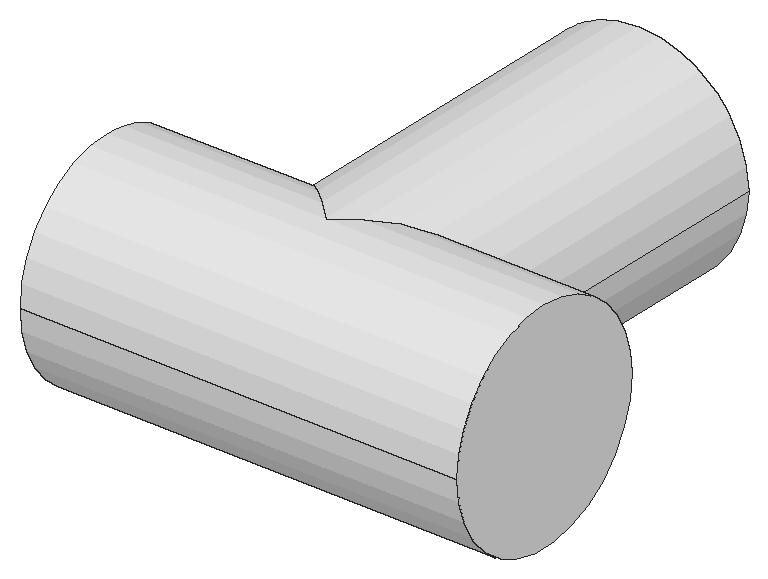
Revit family "BIMLIB_Тройник_комбинированный_ВР_РОСТерм", category Соединительные детали трубопроводов, Revit 2017
Family settings
  Размер круглого соединителя = Использовать диаметр
  Тип детали = Тройник
  На основе рабочей плоскости = Нет
  Всегда вертикально = Да
  При загрузке вырезать с полостями = Нет
  Общий = Нет
Parameters (values of type "Тройник комбинированный ВР 90°")
  Описание = "Тройник комбинированный, внутренняя резьба."
  K Coefficient = 1.6
  Изготовитель = "РОСТерм"
  URL = "http://rostherm.ru/"
  РТ_L1 [instance] = size_lookup("наименование", "РТ_L1", 0 mm, РТ_DN, РТ_G)  # 52 mm
  РТ_L [instance] = size_lookup("наименование", "РТ_L", 0 mm, РТ_DN, РТ_G)  # 58 mm
  РТ_G [instance] = 20 mm
  РТ_DN [instance] = 20 mm
  РТ_D [instance] = size_lookup("наименование", "РТ_D", 0 mm, РТ_DN, РТ_G)  # 29 mm
  BL_Разработано = "support@bimlib.ru"
  BL_Email = "rostherm@bimlib.ru"
  BL_BIM library = "https://bimlib.pro/manufacturer/rosterm/1632/"
  ADSK_Расход жидкости [instance] = 0.0 L/s
  ADSK_Примечание = ""
  ADSK_Позиция = ""
  ADSK_Обозначение = "ГОСТ 32415-2013"  # constant formula
  ADSK_Наименование краткое [instance] = size_lookup("Крнаим", "", "-", РТ_DN, РТ_G)  # "Тройник комбинированный ВР 90°, 20-3/4\""
  ADSK_Наименование [instance] = size_lookup("наименование", "", "-", РТ_DN, РТ_G)  # "Тройник комбинированный внутренняя резьба 90°, 20-3/4\""
  ADSK_Материал = BIMLIB_Белый_РT
  ADSK_Масса_Текст = ""
  ADSK_Масса = 0
  ADSK_Марка [instance] = ""
  ADSK_Код изделия [instance] = size_lookup("артикул", "", "-", РТ_DN, РТ_G)  # "TF20-34"
  ADSK_Завод-изготовитель = "РОСТерм"  # constant formula
  ADSK_Единица измерения = "шт"  # constant formula
  ADSK_Версия Revit = "2017"
  ADSK_URL страницы изделия = "http://rostherm.ru/truby-i-fitingi-iz-polipropilena-pprt/"
  ADSK_URL документации изделия = "http://rostherm.ru/"
Reference planes
  plane 1 "По центру (Вперед/Назад)": y = 0
  plane 2: z = 0
  plane 3 "По центру (Влево/Вправо)": x = 0
  plane 4: x = -29
  plane 5: x = 29
  plane 6: y = 52
Forms (mm)
  Extrusion 1, solid, material "BIMLIB_Белый_РT" <- "ADSK_Материал", detail levels medium+fine
    sketch origin (0, 0, 0) x (0, 1, 0) y (0, 0, 1)
      loop
        circle (0, 0) r 14.5
    from -29 to 29
  Extrusion 2, solid, material "BIMLIB_Белый_РT" <- "ADSK_Материал", detail levels medium+fine
    sketch origin (0, 0, 0) x (1, 0, 0) y (0, 0, 1)
      loop
        circle (0, 0) r 14.5
    from -52 to 0
Cuts and joins
  joined: Extrusion 1, Extrusion 2
Lines and regions (mm)
  reference lines
    curve 1: line (0, 52, 0) -> (0, 0, 0)
    curve 2: line (29, 0, 0) -> (-29, 0, 0)
Dimensions and locks
  equal spacing: plane 4, plane 3 "По центру (Влево/Вправо)", plane 5
  "РТ_L": plane 4 to plane 5
  "РТ_L1": plane 6 to plane 1 "По центру (Вперед/Назад)"
  "РТ_D": diameter of Extrusion 1 sketch curve
  "РТ_D": diameter of Extrusion 2 sketch curve
  aligned and locked: level to plane 2
  aligned and locked: Extrusion 1 to plane 4
  aligned and locked: plane 5 to Extrusion 1
  aligned and locked: plane 6 to Extrusion 2
  aligned and locked: plane 1 "По центру (Вперед/Назад)" to Extrusion 2
  aligned and locked: plane 6 to curve 1
  aligned and locked: plane 4 to curve 2
  aligned and locked: plane 5 to curve 2
  aligned and locked: plane 1 "По центру (Вперед/Назад)" to curve 1
  aligned and locked: plane 3 "По центру (Влево/Вправо)" to curve 1
  aligned and locked: plane 1 "По центру (Вперед/Назад)" to curve 2
  aligned and locked: plane 1 "По центру (Вперед/Назад)" to nested 1
  aligned and locked: plane 3 "По центру (Влево/Вправо)" to nested 1
Automatic sketch dimensions
  Extrusion 1 sketch curve to level = 0 mm
  Extrusion 1 sketch curve to plane 1 "По центру (Вперед/Назад)" = 0 mm
  Extrusion 2 sketch curve to level = 0 mm
  Extrusion 2 sketch curve to plane 3 "По центру (Влево/Вправо)" = 0 mm
Nested families
  nested 1: "УГО тройник" at (0, 0, 0), Длина_ном <- "РТ_L", Высота_ном <- "РТ_L1", type "УГО тройник", detail levels coarse
    with Длина_ном 58 mm, Высота_ном 52 mm
Connectors
  piping at (0, 52, 0), diameter 20, driven by "РТ_G", driven by "ADSK_Расход жидкости"
    settings: on curve 1, index 1, connector inside diameter 609.6 mm, connector length 0 mm, flow factor 0, pipe flow 0.0 L/s, pressure drop 0.0 Pa, fitting loss kfactor 0, connector angle 0.00°, fixture units 0, engagement length 0 mm, angle of deflection 0.00°, flow configuration 0, flow direction 0, fitting loss method 4, system type 28, joint type 0, gender type 0, connector reference index -1, connector utility 0, adjustable connector yes, is connector primary yes, connector description ""
  piping at (29, 0, 0), diameter 20, driven by "РТ_DN", driven by "ADSK_Расход жидкости"
    settings: on curve 2, index 2, connector inside diameter 609.6 mm, connector length 0 mm, flow factor 0, pipe flow 0.0 L/s, pressure drop 0.0 Pa, fitting loss kfactor 0, connector angle 0.00°, fixture units 0, engagement length 0 mm, angle of deflection 0.00°, flow configuration 0, flow direction 0, fitting loss method 4, system type 28, joint type 0, gender type 0, connector reference index 3, connector utility 0, adjustable connector yes, is connector primary no, connector description ""
  piping at (-29, 0, 0), diameter 20, driven by "РТ_DN", driven by "ADSK_Расход жидкости"
    settings: on curve 2, index 3, connector inside diameter 609.6 mm, connector length 0 mm, flow factor 0, pipe flow 0.0 L/s, pressure drop 0.0 Pa, fitting loss kfactor 0, connector angle 0.00°, fixture units 0, engagement length 0 mm, angle of deflection 0.00°, flow configuration 0, flow direction 0, fitting loss method 4, system type 28, joint type 0, gender type 0, connector reference index 2, connector utility 0, adjustable connector yes, is connector primary no, connector description ""
Definition of nested family "УГО тройник"
  Parameters (values of type "УГО тройник")
    Длина_ном [instance] = 70 mm
    Высота_ном [instance] = 40 mm
  Reference planes
    plane 1 "По центру (Вперед/Назад)": y = 0
    plane 2: z = 0
    plane 3 "По центру (Влево/Вправо)": x = 0
    plane 4: y = 40
    plane 5: x = 35
    plane 6: x = -35
  Lines and regions (mm)
    symbolic lines
      curve 1: line (35, 0, 0) -> (-35, 0, 0)
      curve 2: line (0, 0, 0) -> (0, 40, 0)
      curve 3: line (-5, 40, 0) -> (5, 40, 0)
      curve 4: line (-35, -5, 0) -> (-35, 5, 0)
      curve 5: line (35, -5, 0) -> (35, 5, 0)
    model lines
      curve 6: line (0, 40, 0) -> (0, 0, 0)
      curve 7: line (-35, 0, 0) -> (35, 0, 0)
      curve 8: line (-5, 40, 0) -> (5, 40, 0)
      curve 9: line (35, 5, 0) -> (35, -5, 0)
      curve 10: line (-35, -5, 0) -> (-35, 5, 0)
  Dimensions and locks
    "Высота_ном": plane 4 to plane 1 "По центру (Вперед/Назад)"
    equal spacing: plane 6, plane 3 "По центру (Влево/Вправо)", plane 5
    "Длина_ном": plane 6 to plane 5
    aligned and locked: level to plane 2
    aligned and locked: curve 1 to plane 1 "По центру (Вперед/Назад)"
    aligned and locked: curve 3 to plane 4
    aligned and locked: plane 5 to curve 5
    aligned and locked: plane 6 to curve 4
    aligned and locked: curve 6 to plane 3 "По центру (Влево/Вправо)"
    aligned and locked: plane 1 "По центру (Вперед/Назад)" to curve 7
  Automatic sketch dimensions
    curve 8 to plane 4 = 0 mm
    curve 2 to plane 3 "По центру (Влево/Вправо)" = 0 mm
    curve 8 to curve 2 = 5 mm
    curve 3 to curve 8 = 0 mm  (x2)
    plane 3 "По центру (Влево/Вправо)" to curve 8 = 5 mm
    curve 4 to plane 1 "По центру (Вперед/Назад)" = 5 mm
    curve 5 to plane 1 "По центру (Вперед/Назад)" = 5 mm
    curve 10 to curve 4 = 0 mm
    curve 9 to curve 5 = 0 mm
    curve 10 to curve 7 = 5 mm
    curve 5 to curve 7 = 5 mm
